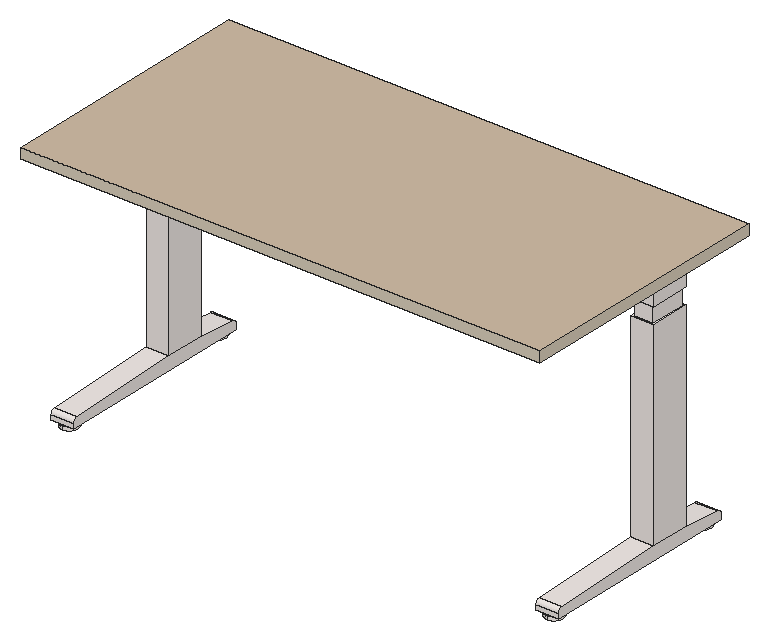
Revit family "M_Sistema de mobiliário-escrivaninha-retangular", category Sistema de mobiliário, Revit 2019
Family settings
  Cota do conector redondo = Utilizar diâmetro
  Tipo de parte = Normal
  Número OmniClass = 23.40.70.14.64.21
  Título OmniClass = Systems Furniture
  Com base no plano de trabalho = Não
  Sempre na vertical = Sim
  Corte com vazios quando carregada = Não
  Compartilhado = Não
  Ponto de cálculo do ambiente = Não
Parameters (values of type "1500 x 750mm")
  Material da superfície de trabalho [instance] = Laminado plástico – Carvalho branco
  Comentários de tipos = "Escrivaninha retangular de 1500 x 750 mm"
  Espessura = 30 mm
  Model = ""
  Manufacturer = ""
  Largura = 1500 mm
  Altura [instance] = 750 mm
  H [instance] = Altura + 5 mm  # 755 mm
  Material do pé [instance] = Metal – Linho pintado
  Altura do pé [instance] = Altura - Espessura  # 720 mm
  Material da aresta [instance] = Laminado plástico – Bege – Claro – Suave
  Description = ""
  Linear = 750 mm
Reference planes
  plane 1 "Centro F/T": y = 0
  plane 2: z = 0
  plane 3 "Centro E/D": x = 0
  plane 4: y = -750
  plane 5 "Direita": x = 1500
  plane 6: x = 1449.2
  plane 7: y = -375
  plane 8: y = -260.7
  plane 9: x = 50.8
  plane 10: z = 750
  plane 11: z = 720
Forms (mm)
  Extrusion 1, solid, material "Laminado plástico – Carvalho branco" <- "Material da superfície de trabalho"
    sketch origin (304.8, -304.8, 0) x (0.707107, 0.707107, 0) y (-0.707107, 0.707107, 0)
      loop
        line (0, 431.052) -> (-530.33, -99.278) -> (530.33, -1159.938) -> (1060.66, -629.608) -> (0, 431.052)
    from 720 to 750
Lines and regions (mm)
  Masking region 1
    outline origin (304.8, -304.8, 0) x (0.707107, 0.707107, 0) y (-0.707107, 0.707107, 0)
      loop
        line (0, 431.052) -> (-530.33, -99.278) -> (530.33, -1159.938) -> (1060.66, -629.608) -> (0, 431.052)
Dimensions and locks
  "Largura": plane 3 "Centro E/D" to plane 5 "Direita"
  "Linear": plane 4 to plane 1 "Centro F/T"
  locked: plane 6 to plane 5 "Direita" at 50.8
  equal spacing: plane 1 "Centro F/T", plane 7, plane 4
  locked: plane 8 to plane 7 at 114.3
  locked: plane 3 "Centro E/D" to plane 9 at 50.8
  "Altura": plane 10 to plane 2
  "Espessura": plane 10 to plane 11
  aligned and locked: level to plane 2
  aligned and locked: nested 1 to plane 6
  aligned and locked: nested 1 to plane 8
  aligned and locked: nested 1 to plane 2
  aligned and locked: nested 2 to plane 9
  aligned and locked: nested 2 to plane 8
  aligned and locked: plane 1 "Centro F/T" to Extrusion 1 sketch curve
  aligned and locked: plane 5 "Direita" to Extrusion 1 sketch curve
  aligned and locked: plane 4 to Extrusion 1 sketch curve
  aligned and locked: plane 3 "Centro E/D" to Extrusion 1 sketch curve
  aligned and locked: Extrusion 1 to plane 10
  aligned and locked: Extrusion 1 to plane 11
  aligned and locked: plane 1 "Centro F/T" to Masking region 1 sketch curve
  aligned and locked: plane 5 "Direita" to Masking region 1 sketch curve
  aligned and locked: plane 4 to Masking region 1 sketch curve
  aligned and locked: plane 3 "Centro E/D" to Masking region 1 sketch curve
Nested families
  nested 1: "M_Sistema de mobiliário-pé-C" at (1449.2, -260.7, 0) x (0, -1, 0) z (0, 0, 1), Material do pé <- "Material do pé", type "720mm"
    with Material do pé Metal – Linho pintado
  nested 2: "M_Sistema de mobiliário-pé-C" at (50.8, -260.7, 0) x (0, -1, 0) z (0, 0, 1), Material do pé <- "Material do pé", type "720mm"
    with Material do pé Metal – Linho pintado
Definition of nested family "M_Sistema de mobiliário-pé-C"
  Parameters (values of type "720mm")
    Largura = 115 mm
    Type Comments = "Pé em C de 720 mm"
    Espessura = 65 mm
    Model = ""
    Manufacturer = ""
    Altura = 720 mm
    H = 755 mm
    Material do pé [instance] = none
    Description = ""
  Reference planes
    plane 1 "Centro F/T": y = 0
    plane 2: z = 0
    plane 3 "Centro E/D": x = 0
    plane 4 "Parte frontal": y = -32.5
    plane 5: x = -57.5
    plane 6 "Superior": z = 720
    plane 7: z = 50.8
    plane 8: x = 57.5
    plane 9: y = 32.5
    plane 10: z = 12.7
    plane 11 "Esquerda": x = -184.5
    plane 12 "Direita": x = 400.4
    plane 13: z = 38.1
    plane 14: z = 669.2
    plane 15: y = 26.15
    plane 16: y = -26.15
    plane 17: x = -51.15
    plane 18: x = 51.15
    plane 19: z = 622.3
    plane 20: x = -159.1
    plane 21: x = 375
    plane 22: z = 8.467
    plane 23: z = 755
  Forms (mm)
    Extrusion 1, solid, material <- "Material do pé"
      sketch origin (0, 0, 0) x (1, 0, 0) y (0, 1, 0)
        loop
          line (-57.5, 32.5) -> (-57.5, -32.5) -> (57.5, -32.5) -> (57.5, 32.5) -> (-57.5, 32.5)
      from 50.8 to 622.3
    Extrusion 2, solid, material <- "Material do pé"
      sketch origin (0, -32.5, 0) x (-1, 0, 0) y (0, 0, 1)
        loop
          line (184.5, 12.7) -> (184.5, 26.607)
          arc (184.5, 26.607) -> (181.216, 35.128) -> (173.064, 39.244) r 12.7
          line (173.064, 39.244) -> (57.5, 50.8) -> (-57.5, 50.8) -> (-388.17, 38.553)
          arc (-388.17, 38.553) -> (-396.845, 34.674) -> (-400.4, 25.862) r 12.7
          line (-400.4, 25.862) -> (-400.4, 12.7) -> (184.5, 12.7)
      from 0 to 65
    Extrusion 3, solid, material <- "Material do pé"
      sketch origin (0, 0, 0) x (1, 0, 0) y (0, 1, 0)
        loop
          line (-51.15, 26.15) -> (-51.15, -26.15) -> (51.15, -26.15) -> (51.15, 26.15) -> (-51.15, 26.15)
      from 622.3 to 669.2
    Extrusion 4, solid, material <- "Material do pé"
      sketch origin (0, 0, 0) x (1, 0, 0) y (0, 1, 0)
        loop
          line (-57.5, 32.5) -> (-57.5, -32.5) -> (57.5, -32.5) -> (57.5, 32.5) -> (-57.5, 32.5)
      from 669.2 to 720
    Revolve 5, solid, material <- "Material do pé"
      sketch origin (0, 0, 0) x (1, 0, 0) y (0, 0, 1)
        loop
          line (-184.5, 8.467) -> (-184.5, 0) -> (-159.1, 0) -> (-159.1, 12.7) -> (-163.333, 12.7) -> (-163.333, 8.467) -> (-184.5, 8.467)
        axis (-159.1, 12.7) -> (-159.1, 0)
      angle from 0 to 360
    Revolve 6, solid, material <- "Material do pé"
      sketch origin (0, 0, 0) x (1, 0, 0) y (0, 0, 1)
        loop
          line (375, 12.7) -> (375, 0) -> (400.4, 0) -> (400.4, 8.467) -> (379.233, 8.467) -> (379.233, 12.7) -> (375, 12.7)
        axis (375, 12.7) -> (375, 0)
      angle from 0 to 360
  Lines and regions (mm)
    Masking region 1
      outline origin (0, 0, 0) x (1, 0, 0) y (0, 1, 0)
        loop
          line (-184.5, 32.5) -> (-184.5, -32.5) -> (400.4, -32.5) -> (400.4, 32.5) -> (-184.5, 32.5)
    reference lines
      curve 1: line (0, 0, 0) -> (0, 0, 755)
  Dimensions and locks
    "Largura": plane 5 to plane 8
    plane 7 to plane 2 = 50.8 mm
    "Altura": plane 6 "Superior" to plane 2
    "Espessura": plane 9 to plane 4 "Parte frontal"
    equal spacing: plane 9, plane 1 "Centro F/T", plane 4 "Parte frontal"
    locked: plane 10 to level at 12.7
    equal spacing: plane 5, plane 3 "Centro E/D", plane 8
    locked: plane 7 to plane 2 at 50.8
    locked: plane 13 to plane 10 at 25.4
    locked: plane 5 to plane 11 "Esquerda" at 127
    locked: plane 8 to plane 12 "Direita" at 342.9
    locked: plane 6 "Superior" to plane 14 at 50.8
    locked: plane 9 to plane 15 at 6.35
    locked: plane 4 "Parte frontal" to plane 16 at 6.35
    locked: plane 5 to plane 17 at 6.35
    locked: plane 18 to plane 8 at 6.35
    plane 3 "Centro E/D" to Extrusion 4 = 57.5 mm
    locked: plane 20 to plane 11 "Esquerda" at 25.4
    locked: plane 12 "Direita" to plane 21 at 25.4
    locked: plane 22 to plane 2 at 8.467
    locked: plane 20 to Revolve 5 sketch curve at 4.233
    locked: Revolve 6 sketch curve to plane 21 at 4.233
    locked: plane 19 to plane 7 at 571.5
    "H": plane 23 to plane 2
    aligned and locked: level to plane 2
    aligned and locked: Extrusion 1 sketch curve to plane 9
    aligned and locked: plane 5 to Extrusion 1 sketch curve
    aligned and locked: plane 4 "Parte frontal" to Extrusion 1 sketch curve
    aligned and locked: Extrusion 1 to plane 7
    aligned and locked: plane 4 "Parte frontal" to Masking region 1 sketch curve
    aligned and locked: Masking region 1 sketch curve to plane 9
    aligned and locked: plane 8 to Extrusion 1 sketch curve
    aligned and locked: Extrusion 2 sketch curve to plane 11 "Esquerda"
    aligned and locked: Extrusion 2 sketch curve to plane 10
    aligned and locked: plane 12 "Direita" to Extrusion 2 sketch curve
    aligned and locked: plane 8 to Extrusion 2 sketch curve
    aligned and locked: plane 7 to Extrusion 2 sketch curve  (x2)
    aligned and locked: plane 5 to Extrusion 2 sketch curve
    aligned and locked: plane 9 to Extrusion 2
    aligned and locked: Extrusion 2 to plane 4 "Parte frontal"
    aligned and locked: plane 15 to Extrusion 3 sketch curve
    aligned and locked: plane 17 to Extrusion 3 sketch curve
    aligned and locked: Extrusion 3 sketch curve to plane 16
    aligned and locked: Extrusion 3 sketch curve to plane 18
    aligned and locked: plane 19 to Extrusion 1
    aligned and locked: Extrusion 3 to plane 19
    aligned and locked: plane 14 to Extrusion 3
    aligned and locked: Extrusion 4 sketch curve to Extrusion 2  (x2)
    aligned and locked: Extrusion 4 sketch curve to Extrusion 1  (x2)
    aligned and locked: plane 6 "Superior" to Extrusion 4
    aligned and locked: plane 10 to Revolve 5 sketch curve
    aligned and locked: plane 20 to Revolve 5 sketch curve
    aligned and locked: Revolve 5 sketch curve to plane 2
    aligned and locked: Revolve 5 sketch curve to plane 11 "Esquerda"
    aligned and locked: plane 22 to Revolve 5 sketch curve
    aligned and locked: Revolve 5 sketch curve to plane 20
    aligned and locked: Revolve 6 sketch curve to plane 21  (x2)
    aligned and locked: plane 10 to Revolve 6 sketch curve
    aligned and locked: plane 22 to Revolve 6 sketch curve
    aligned and locked: plane 12 "Direita" to Revolve 6 sketch curve
    aligned and locked: Revolve 6 sketch curve to plane 2
    aligned and locked: plane 11 "Esquerda" to Masking region 1 sketch curve
    aligned and locked: Masking region 1 sketch curve to plane 12 "Direita"
    aligned and locked: Extrusion 4 to plane 14
    aligned and locked: plane 3 "Centro E/D" to curve 1
    aligned and locked: plane 23 to curve 1
  Automatic sketch dimensions
    plane 13 to Extrusion 2 sketch curve = 0.453 mm
    Extrusion 2 sketch curve to plane 12 "Direita" = 12.23 mm
    Extrusion 2 sketch curve to plane 13 = 12.238 mm
    Extrusion 2 sketch curve to Extrusion 2 sketch curve = 12.7 mm
    plane 13 to Extrusion 2 sketch curve = 1.144 mm
    plane 11 "Esquerda" to Extrusion 2 sketch curve = 11.436 mm
    Revolve 5 sketch curve to level = 31.75 mm
    plane 7 to Revolve 5 sketch curve = 63.5 mm
    Revolve 6 sketch curve to level = 21.251 mm
    plane 7 to Revolve 6 sketch curve = 19.05 mm
    curve 1 to level = 0 mm
Types in the file's own list only (15): name | Comentários de tipos | Largura | Linear
  900 x 600mm | "Escrivaninha retangular de 900 x 600 mm" | 900 mm | 600 mm
  1050 x 600mm | "Escrivaninha retangular de 1050 x 600 mm" | 1050 mm | 600 mm
  1200 x 600mm | "Escrivaninha retangular de 1200 x 600 mm" | 1200 mm | 600 mm
  1350 x 600mm | "Escrivaninha retangular de 1350 x 600 mm" | 1350 mm | 600 mm
  1500 x 600mm | "Escrivaninha retangular de 1500 x 600 mm" | 1500 mm | 600 mm
  1650 x 600mm | "Escrivaninha retangular de 1650 x 600 mm" | 1650 mm | 600 mm
  1800 x 600mm | "Escrivaninha retangular de 1800 x 600 mm" | 1800 mm | 600 mm
  2150 x 600mm | "Escrivaninha retangular de 2150 x 600 mm" | 2150 mm | 600 mm
  900 x 750mm | "Escrivaninha retangular de 900 x 750 mm" | 900 mm | 750 mm
  1050 x 750mm | "Escrivaninha retangular de 1050 x 750 mm" | 1050 mm | 750 mm
  1200 x 750mm | "Escrivaninha retangular de 1200 x 750 mm" | 1200 mm | 750 mm
  1350 x 750mm | "Escrivaninha retangular de 1350 x 750 mm" | 1350 mm | 750 mm
  1650 x 750mm | "Escrivaninha retangular de 1650 x 750 mm" | 1650 mm | 750 mm
  1800 x 750mm | "Escrivaninha retangular de 1800 x 750 mm" | 1800 mm | 750 mm
  2150 x 750mm | "Escrivaninha retangular de 2150 x 750 mm" | 2150 mm | 750 mm
